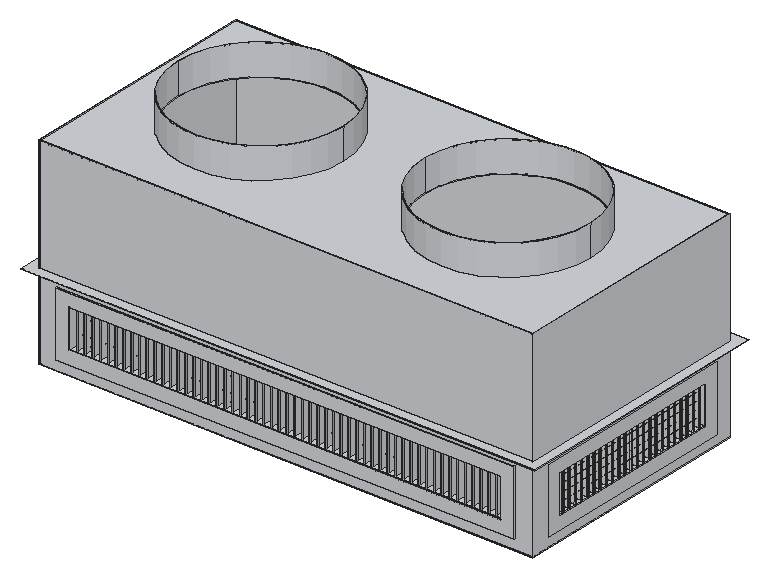
Revit family "model CO-16 diffuser", category Mechanical Equipment, Revit 2015
Parameters
  height [instance] = 1' - 7 3/8"
  Width = 1' - 11 3/4"
  Length = 3' - 11 3/4"
Reference planes (in)
  plane 1 "Center (Front/Back)": y = 0
  plane 2: z = 0
  plane 3 "Center (Left/Right)": x = 0
  plane 4: y = 11.875
  plane 5: y = -11.875
  plane 6: x = -23.875
  plane 7: x = 23.875
  plane 8: z = -9.6875
  plane 9: z = 9.6875
  plane 10: x = -23.8272
  plane 11: y = -11.8272
  plane 12: x = 23.8272
  plane 13: y = 11.8272
  plane 14: z = 9.6397
  plane 15: z = -1.3125
  plane 16: x = -24.875
  plane 17: y = -12.875
  plane 18: x = 24.875
  plane 19: y = 12.875
  plane 20: z = -1.3603
  plane 21: z = -9.6397
  plane 22: x = -11.9375
  plane 23: x = 11.9375
  plane 24: z = 12.6875
  plane 25: y = 9
  plane 26: y = -9
  plane 27: z = -3.50092
  plane 28: z = -7.50092
  plane 29: x = -21
  plane 30: x = 21
  plane 31: x = -16.5
  plane 32: x = 16.5
  plane 33: y = 4.5
  plane 34: y = -4.5
Forms (in)
  Extrusion 1, solid
    sketch origin (0, 0, 0) x (1, 0, 0) y (0, 1, 0)
      loop
        line (-23.875, 11.875) -> (-23.875, -11.875) -> (23.875, -11.875) -> (23.875, 11.875) -> (-23.875, 11.875)
    from 9.6875 to 9.6397
  Extrusion 2, solid
    sketch origin (0, 0, 0) x (1, 0, 0) y (0, 1, 0)
      loop
        line (-23.875, 11.875) -> (-23.875, -11.875) -> (23.875, -11.875) -> (23.875, 11.875) -> (-23.875, 11.875)
      loop
        line (-23.8272, 11.8272) -> (-23.8272, -11.8272) -> (23.8272, -11.8272) -> (23.8272, 11.8272) -> (-23.8272, 11.8272)
    from 9.6875 to -9.6875
  Extrusion 3, solid
    sketch origin (0, 0, 0) x (1, 0, 0) y (0, 1, 0)
      loop
        line (-24.875, 12.875) -> (-24.875, -12.875) -> (24.875, -12.875) -> (24.875, 12.875) -> (-24.875, 12.875)
      loop
        line (23.875, -11.875) -> (23.875, 11.875) -> (-23.875, 11.875) -> (-23.875, -11.875) -> (23.875, -11.875)
    from -1.3125 to -1.3603
  Extrusion 4, solid
    sketch origin (0, 0, 0) x (1, 0, 0) y (0, 1, 0)
      loop
        line (-23.875, 11.875) -> (-23.875, -11.875) -> (23.875, -11.875) -> (23.875, 11.875) -> (-23.875, 11.875)
    from -9.6397 to -9.6875
  Extrusion 5, void
    sketch origin (0, 0, 0) x (0, 1, 0) y (0, 0, 1)
      loop
        line (9, -3.50092) -> (-9, -3.50092) -> (-9, -7.50093) -> (9, -7.50093) -> (9, -3.50092)
    from 28.68207 to -27.87379
  Extrusion 6, void
    sketch origin (0, 0, 0) x (1, 0, 0) y (0, 0, 1)
      loop
        line (-21, -3.50092) -> (-21, -7.50092) -> (21, -7.50092) -> (21, -3.50092) -> (-21, -3.50092)
    from 12 to -14.86527
  Extrusion 7, void
    sketch origin (0, 0, 0) x (1, 0, 0) y (0, 1, 0)
      loop
        line (-16.5, 4.5) -> (-16.5, -4.5) -> (16.5, -4.5) -> (16.5, 4.5) -> (-16.5, 4.5)
    from 0 to -12
  Extrusion 8, void
    sketch origin (0, 0, 0) x (1, 0, 0) y (0, 1, 0)
      loop
        circle (-11.9375, 0) r 8
    from 0 to 24
  Extrusion 9, void
    sketch origin (23.875, 0, 0) x (1, 0, 0) y (0, 1, 0)
      loop
        circle (-11.9375, 0) r 8
    from 0 to 24
  Extrusion 10, solid
    sketch origin (0, 0, 0) x (1, 0, 0) y (0, 1, 0)
      loop
        circle (-11.9375, 0) r 8
      loop
        circle (-11.9375, 0) r 8.0239
    from 9.6875 to 12.6875
  Extrusion 11, solid
    sketch origin (23.875, 0, 0) x (1, 0, 0) y (0, 1, 0)
      loop
        circle (-11.9375, 0) r 8
      loop
        circle (-11.9375, 0) r 8.0239
    from 9.6875 to 12.6875
Cuts and joins
  Extrusion 5, Extrusion 6 cuts Extrusion 2
  Extrusion 7 cuts Extrusion 4
  Extrusion 8, Extrusion 9 cuts Extrusion 1
Dimensions and locks (in)
  equal spacing: plane 6, plane 3 "Center (Left/Right)", plane 7
  "Length": plane 6 to plane 7
  equal spacing: plane 4, plane 1 "Center (Front/Back)", plane 5
  "Width": plane 4 to plane 5
  locked: plane 6 to plane 10 at 0.0478
  locked: plane 12 to plane 7 at 0.0478
  locked: plane 11 to plane 5 at 0.0478
  locked: plane 13 to plane 4 at 0.0478
  equal spacing: plane 9, level, plane 8
  "height": plane 9 to plane 8
  locked: plane 9 to plane 14 at 0.0478
  locked: plane 15 to plane 8 at 8.375
  locked: plane 5 to plane 17 at 1
  locked: plane 7 to plane 18 at 1
  locked: plane 19 to plane 4 at 1
  locked: plane 16 to plane 6 at 1
  locked: plane 15 to plane 20 at 0.0478
  locked: plane 21 to plane 8 at 0.0478
  locked: plane 22 to plane 3 "Center (Left/Right)" at 11.9375
  locked: plane 3 "Center (Left/Right)" to plane 23 at 11.9375
  locked: plane 24 to plane 9 at 3
  locked: plane 25 to plane 1 "Center (Front/Back)" at 9
  locked: plane 1 "Center (Front/Back)" to plane 26 at 9
  locked: plane 3 "Center (Left/Right)" to plane 29 at 21
  locked: plane 30 to plane 3 "Center (Left/Right)" at 21
  locked: plane 31 to plane 32 at 33
  locked: plane 33 to plane 34 at 9
  aligned and locked: level to plane 2
  aligned and locked: plane 4 to Extrusion 1
  aligned and locked: plane 6 to Extrusion 1
  aligned and locked: Extrusion 1 to plane 7
  aligned and locked: Extrusion 1 to plane 5
  aligned and locked: plane 9 to Extrusion 1
  aligned and locked: Extrusion 1 to plane 14
  aligned and locked: plane 9 to Extrusion 2
  aligned and locked: Extrusion 2 to plane 8
  aligned and locked: Extrusion 2 to plane 7
  aligned and locked: plane 4 to Extrusion 2
  aligned and locked: plane 13 to Extrusion 2
  aligned and locked: plane 12 to Extrusion 2
  aligned and locked: Extrusion 2 to plane 5
  aligned and locked: plane 6 to Extrusion 2
  aligned and locked: plane 10 to Extrusion 2
  aligned and locked: plane 11 to Extrusion 2
  aligned and locked: plane 15 to Extrusion 3
  aligned and locked: Extrusion 3 to plane 20
  aligned and locked: plane 21 to Extrusion 4
  aligned and locked: Extrusion 4 to plane 8
  aligned and locked: plane 6 to Extrusion 4
  aligned and locked: plane 4 to Extrusion 4
  aligned and locked: Extrusion 4 to plane 5
  aligned and locked: Extrusion 4 to plane 7
  aligned and locked: cut or joined group of Extrusion 4, Extrusion 7 to plane 31
  aligned and locked: plane 33 to cut or joined group of Extrusion 4, Extrusion 7
  aligned and locked: cut or joined group of Extrusion 4, Extrusion 7 to plane 34
  aligned and locked: plane 32 to cut or joined group of Extrusion 4, Extrusion 7
  aligned and locked: plane 26 to cut or joined group of Extrusion 2, Extrusion 5, Extrusion 6
  aligned and locked: cut or joined group of Extrusion 2, Extrusion 5, Extrusion 6 to plane 25
  aligned and locked: plane 27 to cut or joined group of Extrusion 2, Extrusion 5, Extrusion 6  (x2)
  aligned and locked: cut or joined group of Extrusion 2, Extrusion 5, Extrusion 6 to plane 28  (x2)
  aligned and locked: cut or joined group of Extrusion 2, Extrusion 5, Extrusion 6 to plane 29
  aligned and locked: plane 30 to cut or joined group of Extrusion 2, Extrusion 5, Extrusion 6
  aligned and locked: plane 3 "Center (Left/Right)" to nested 1
  aligned and locked: plane 27 to nested 1
  aligned and locked: plane 5 to nested 1
  aligned and locked: plane 28 to nested 1
  aligned and locked: nested 2 to plane 13
  aligned and locked: nested 2 to plane 27  (x2)
  aligned and locked: nested 2 to plane 28
  aligned and locked: nested 1 to cut or joined group of Extrusion 2, Extrusion 5, Extrusion 6
  aligned and locked: plane 30 to nested 1
  aligned and locked: nested 1 to plane 28
  aligned and locked: nested 2 to plane 30
  aligned and locked: nested 3 to plane 1 "Center (Front/Back)"
  aligned and locked: nested 3 to plane 25  (x2)
  aligned and locked: plane 26 to nested 3  (x2)
  aligned and locked: plane 7 to nested 3
  aligned and locked: nested 3 to plane 28
  aligned and locked: plane 27 to nested 3
  aligned and locked: plane 25 to nested 4  (x2)
  aligned and locked: nested 4 to plane 26  (x2)
  aligned and locked: plane 6 to nested 4
  aligned and locked: nested 4 to plane 27
  aligned and locked: nested 4 to plane 28
  aligned and locked: plane 33 to nested 5
  aligned and locked: nested 5 to plane 34  (x2)
  aligned and locked: plane 32 to nested 5
  aligned and locked: nested 5 to plane 31
  aligned and locked: nested 5 to plane 33
  aligned and locked: plane 8 to nested 5
  aligned and locked: Extrusion 10 to plane 9
  aligned and locked: plane 24 to Extrusion 10
Automatic sketch dimensions
  Extrusion 1 sketch curve to plane 5 = 0' - 0"
  Extrusion 1 sketch curve to plane 6 = 0' - 0"
  Extrusion 1 sketch curve to plane 7 = 0' - 0"
  Extrusion 1 sketch curve to plane 4 = 0' - 0"
  Extrusion 2 sketch curve to plane 5 = 0' - 0"
  Extrusion 2 sketch curve to plane 6 = 0' - 0"
  Extrusion 2 sketch curve to plane 10 = 0' - 0"
  Extrusion 2 sketch curve to plane 12 = 0' - 0"
  Extrusion 2 sketch curve to plane 4 = 0' - 0"
  Extrusion 2 sketch curve to plane 7 = 0' - 0"
  Extrusion 2 sketch curve to plane 11 = 0' - 0"
  plane 13 to Extrusion 2 sketch curve = 0' - 0"
  Extrusion 3 sketch curve to plane 16 = 0' - 0"
  Extrusion 3 sketch curve to plane 4 = 0' - 0"
  Extrusion 3 sketch curve to plane 6 = 0' - 0"
  Extrusion 3 sketch curve to plane 7 = 0' - 0"
  Extrusion 3 sketch curve to plane 17 = 0' - 0"
  Extrusion 3 sketch curve to plane 18 = 0' - 0"
  Extrusion 3 sketch curve to plane 5 = 0' - 0"
  Extrusion 3 sketch curve to plane 19 = 0' - 0"
  Extrusion 4 sketch curve to plane 5 = 0' - 0"
  Extrusion 4 sketch curve to plane 6 = 0' - 0"
  Extrusion 4 sketch curve to plane 7 = 0' - 0"
  Extrusion 4 sketch curve to plane 4 = 0' - 0"
  Extrusion 5 sketch curve to plane 26 = 0' - 0"
  Extrusion 5 sketch curve to plane 25 = 0' - 0"
  Extrusion 5 sketch curve to plane 28 = 0' - 0"
  Extrusion 5 sketch curve to plane 27 = 0' - 0"
  Extrusion 6 sketch curve to plane 28 = 0' - 0"
  Extrusion 6 sketch curve to plane 29 = 0' - 0"
  Extrusion 6 sketch curve to plane 30 = 0' - 0"
  Extrusion 6 sketch curve to plane 27 = 0' - 0"
  Extrusion 7 sketch curve to plane 31 = 0' - 0"
  Extrusion 7 sketch curve to plane 32 = 0' - 0"
  Extrusion 7 sketch curve to plane 34 = 0' - 0"
  Extrusion 7 sketch curve to plane 33 = 0' - 0"
  plane 1 "Center (Front/Back)" to Extrusion 8 sketch curve = 0' - 0"
  Extrusion 8 sketch curve to plane 22 = 0' - 0"
  plane 1 "Center (Front/Back)" to Extrusion 9 sketch curve = 0' - 0"
  Extrusion 9 sketch curve to plane 23 = 0' - 0"
  Extrusion 10 sketch curve to Extrusion 10 sketch curve = 0' - 0"  (x2)
  plane 1 "Center (Front/Back)" to Extrusion 10 sketch curve = 0' - 0"
  Extrusion 10 sketch curve to plane 22 = 0' - 0"
  Extrusion 11 sketch curve to Extrusion 11 sketch curve = 0' - 0"  (x2)
  plane 1 "Center (Front/Back)" to Extrusion 11 sketch curve = 0' - 0"
  Extrusion 11 sketch curve to plane 23 = 0' - 0"
  radius of Extrusion 8 sketch curve = 0' - 8"
  radius of Extrusion 9 sketch curve = 0' - 8"
  radius of Extrusion 10 sketch curve = 0' - 8"
  radius of Extrusion 10 sketch curve = 0' - 8.0239"
  radius of Extrusion 11 sketch curve = 0' - 8"
  radius of Extrusion 11 sketch curve = 0' - 8.0239"
Nested families (in)
  nested 1: "Double Diffuser Grille" at (0, -10.25, -5.50093), type "Double Diffuser Grille"
    with Vert. Spacing 0' - 0 3/4", Vert. Number 28, Vert. Blade Height 0' - 3 5/8", Horiz. Spacing 0' - 0 3/4", Horiz. Number 3, Horiz. Blade Width 3' - 5 5/8"
  nested 2: "Double Diffuser Grille" at (0, 10.2022, -5.50093), type "Double Diffuser Grille"
    with Vert. Spacing 0' - 0 3/4", Vert. Number 28, Vert. Blade Height 0' - 3 5/8", Horiz. Spacing 0' - 0 3/4", Horiz. Number 3, Horiz. Blade Width 3' - 5 5/8"
  nested 3: "CO-12 short grille" at (22.25, 0, -5.50093) x (0, 1, 0) z (0, 0, 1), type "CO-12 short grille"
    with Vert. Spacing 0' - 0 3/4", Vert. Number 12, Vert. Blade Height 0' - 3 5/8", Horiz. Spacing 0' - 0 3/4", Horiz. Number 3, Horiz. Blade Width 1' - 5 5/8"
  nested 4: "CO-12 short grille" at (-22.25, 0, -5.50093) x (0, 1, 0) z (0, 0, 1), type "CO-12 short grille"
    with Vert. Spacing 0' - 0 3/4", Vert. Number 12, Vert. Blade Height 0' - 3 5/8", Horiz. Spacing 0' - 0 3/4", Horiz. Number 3, Horiz. Blade Width 1' - 5 5/8"
  nested 5: "egg crate grille 2" at (0, 0, -8.0625) x (1, 0, 0) z (0, -1, 0), type "egg crate grille 2"
    with Vert. Spacing 0' - 0 3/4", Vert. Number 32, Vert. Blade Height 0' - 8 5/8", Horiz. Spacing 0' - 0 3/4", Horiz. Number 8, Horiz. Blade Width 2' - 8 5/8"
Definition of nested family "Double Diffuser Grille"
  Parameters (values of type "Double Diffuser Grille")
    Vert. Spacing [instance] = 0' - 0 3/4"
    Vert. Number [instance] = ((Grille Width - 0' 0 1/4") / 0' 0 3/4") / 2  # 28
    Vert. Blade Height [instance] = Grille Height - 0' 0 3/8"  # 0' - 3 5/8"
    Horiz. Spacing [instance] = 0' - 0 3/4"
    Horiz. Number [instance] = ((Grille Height - 0' 0 1/4") / 0' 0 3/4") / 2  # 3
    Horiz. Blade Width [instance] = Grille Width - 0' 0 3/8"  # 3' - 5 5/8"
    Grille Width = 3' - 6"
    Grille Height = 0' - 4"
  Reference planes (in)
    plane 1 "Center (Front/Back)": y = 0
    plane 2: z = 0
    plane 3 "Center (Left/Right)": x = 0
    plane 4: y = -1.75
    plane 5: y = -1.625
    plane 6: x = -21
    plane 7: x = 21
    plane 8: z = -2
    plane 9: z = 2
    plane 10: x = -20.875
    plane 11: z = 1.875
    plane 12: z = -1.875
    plane 13: x = 20.875
    plane 14: x = 22.125
    plane 15: z = -3.125
    plane 16: z = 3.125
    plane 17: x = -22.125
    plane 18: y = -0.8125
  Forms (in)
    Extrusion 1, solid
      sketch origin (0, 0, 0) x (1, 0, 0) y (0, 0, 1)
        loop
          line (-21, -2) -> (21, -2) -> (21, 2) -> (-21, 2) -> (-21, -2)
        loop
          line (-20.875, -1.875) -> (20.875, -1.875) -> (20.875, 1.875) -> (-20.875, 1.875) -> (-20.875, -1.875)
      from 0 to 1.625
    Extrusion 2, solid
      sketch origin (0, 0, 0) x (1, 0, 0) y (0, 0, 1)
        loop
          line (-22.125, -3.125) -> (22.125, -3.125) -> (22.125, 3.125) -> (-22.125, 3.125) -> (-22.125, -3.125)
        loop
          line (-20.875, -1.875) -> (20.875, -1.875) -> (20.875, 1.875) -> (-20.875, 1.875) -> (-20.875, -1.875)
      from 1.625 to 1.75
  Dimensions and locks (in)
    locked: plane 5 to plane 4 at 0.125
    locked: plane 1 "Center (Front/Back)" to plane 5 at 1.625
    equal spacing: plane 9, level, plane 8
    "Grille Height": plane 9 to plane 8
    equal spacing: plane 6, plane 3 "Center (Left/Right)", plane 7
    "Grille Width": plane 6 to plane 7
    locked: plane 9 to plane 11 at 0.125
    locked: plane 12 to plane 8 at 0.125
    locked: plane 6 to plane 10 at 0.125
    locked: plane 7 to plane 13 at 0.125
    locked: plane 16 to plane 9 at 1.125
    locked: plane 8 to plane 15 at 1.125
    locked: plane 6 to plane 17 at 1.125
    locked: plane 14 to plane 7 at 1.125
    locked: plane 1 "Center (Front/Back)" to plane 18 at 0.8125
    equal spacing: group 1, group 2, group 4, group 5, group 6, group 7, group 8, group 9, group 10, group 11, group 12, group 13, group 29, group 30, group 31, group 32, group 33, group 34, group 35, group 36, group 37, group 38, group 39, group 40, group 41, group 42, group 43, group 44  (x3)
    "Vert. Spacing": nested 1 to nested 3
    equal spacing: group 60, group 59, group 58, group 57, group 56, group 55, group 54, group 53, group 52, group 51, group 50, group 49, group 48, group 47, group 46, group 45, group 23, group 22, group 21, group 20, group 19, group 18, group 17, group 16, group 15, group 14, group 3, group 1
    equal spacing: group 1, group 3, group 14, group 15, group 16, group 17, group 18, group 19, group 20, group 21, group 22, group 23, group 45, group 46, group 47, group 48, group 49, group 50, group 51, group 52, group 53, group 54, group 55, group 56, group 57, group 58, group 59, group 60  (x2)
    "Vert. Spacing": nested 4 to nested 1
    equal spacing: group 24, group 25, group 27  (x3)
    "Horiz. Spacing": nested 25 to nested 2
    equal spacing: group 24, group 26, group 28  (x2)
    equal spacing: group 28, group 26, group 24
    "Horiz. Spacing": nested 2 to nested 26
    aligned and locked: level to plane 2
    aligned and locked: plane 6 to Extrusion 1 sketch curve
    aligned and locked: plane 9 to Extrusion 1 sketch curve
    aligned and locked: Extrusion 1 sketch curve to plane 8
    aligned and locked: plane 7 to Extrusion 1 sketch curve
    aligned and locked: plane 13 to Extrusion 1 sketch curve
    aligned and locked: plane 12 to Extrusion 1 sketch curve
    aligned and locked: plane 10 to Extrusion 1 sketch curve
    aligned and locked: plane 11 to Extrusion 1 sketch curve
    aligned and locked: Extrusion 1 to plane 1 "Center (Front/Back)"
    aligned and locked: Extrusion 1 to plane 5
    aligned and locked: Extrusion 2 sketch curve to plane 17
    aligned and locked: Extrusion 2 sketch curve to plane 16
    aligned and locked: Extrusion 2 sketch curve to plane 14
    aligned and locked: plane 15 to Extrusion 2 sketch curve
    aligned and locked: plane 12 to Extrusion 2 sketch curve
    aligned and locked: plane 13 to Extrusion 2 sketch curve
    aligned and locked: plane 11 to Extrusion 2 sketch curve
    aligned and locked: plane 10 to Extrusion 2 sketch curve
    aligned and locked: plane 5 to Extrusion 2
    aligned and locked: Extrusion 2 to plane 4
    aligned and locked: nested 1 to plane 5
    aligned and locked: nested 1 to plane 3 "Center (Left/Right)"
    aligned and locked: nested 2 to plane 18
    aligned and locked: plane 3 "Center (Left/Right)" to nested 2
  Nested families (in)
    nested 1: "Vertical Blade" at (-0.08237, -1.625, 0), type "Vertical Blade"
      with H 0' - 3 5/8"
    nested 2: "Horizontal Blade" at (0, -0.8125, 0), type "Horizontal Blade"
      with L 3' - 5 5/8"
    nested 3: "Vertical Blade" at (0.66763, -1.625, 0), type "Vertical Blade"
      with H 0' - 3 5/8"
    nested 4: "Vertical Blade" at (-0.83237, -1.625, 0), type "Vertical Blade"
      with H 0' - 3 5/8"
    nested 5: "Vertical Blade" at (1.41763, -1.625, 0), type "Vertical Blade"
      with H 0' - 3 5/8"
    nested 6: "Vertical Blade" at (2.16763, -1.625, 0), type "Vertical Blade"
      with H 0' - 3 5/8"
    nested 7: "Vertical Blade" at (2.91763, -1.625, 0), type "Vertical Blade"
      with H 0' - 3 5/8"
    nested 8: "Vertical Blade" at (3.66763, -1.625, 0), type "Vertical Blade"
      with H 0' - 3 5/8"
    nested 9: "Vertical Blade" at (4.41763, -1.625, 0), type "Vertical Blade"
      with H 0' - 3 5/8"
    nested 10: "Vertical Blade" at (5.16763, -1.625, 0), type "Vertical Blade"
      with H 0' - 3 5/8"
    nested 11: "Vertical Blade" at (5.91763, -1.625, 0), type "Vertical Blade"
      with H 0' - 3 5/8"
    nested 12: "Vertical Blade" at (6.66763, -1.625, 0), type "Vertical Blade"
      with H 0' - 3 5/8"
    nested 13: "Vertical Blade" at (7.41763, -1.625, 0), type "Vertical Blade"
      with H 0' - 3 5/8"
    nested 14: "Vertical Blade" at (8.16763, -1.625, 0), type "Vertical Blade"
      with H 0' - 3 5/8"
    nested 15: "Vertical Blade" at (-1.58237, -1.625, 0), type "Vertical Blade"
      with H 0' - 3 5/8"
    nested 16: "Vertical Blade" at (-2.33237, -1.625, 0), type "Vertical Blade"
      with H 0' - 3 5/8"
    nested 17: "Vertical Blade" at (-3.08237, -1.625, 0), type "Vertical Blade"
      with H 0' - 3 5/8"
    nested 18: "Vertical Blade" at (-3.83237, -1.625, 0), type "Vertical Blade"
      with H 0' - 3 5/8"
    nested 19: "Vertical Blade" at (-4.58237, -1.625, 0), type "Vertical Blade"
      with H 0' - 3 5/8"
    nested 20: "Vertical Blade" at (-5.33237, -1.625, 0), type "Vertical Blade"
      with H 0' - 3 5/8"
    nested 21: "Vertical Blade" at (-6.08237, -1.625, 0), type "Vertical Blade"
      with H 0' - 3 5/8"
    nested 22: "Vertical Blade" at (-6.83237, -1.625, 0), type "Vertical Blade"
      with H 0' - 3 5/8"
    nested 23: "Vertical Blade" at (-7.58237, -1.625, 0), type "Vertical Blade"
      with H 0' - 3 5/8"
    nested 24: "Vertical Blade" at (-8.33237, -1.625, 0), type "Vertical Blade"
      with H 0' - 3 5/8"
    nested 25: "Horizontal Blade" at (0, -0.8125, 0.75), type "Horizontal Blade"
      with L 3' - 5 5/8"
    nested 26: "Horizontal Blade" at (0, -0.8125, -0.75), type "Horizontal Blade"
      with L 3' - 5 5/8"
    nested 27: "Horizontal Blade" at (0, -0.8125, 1.5), type "Horizontal Blade"
      with L 3' - 5 5/8"
    nested 28: "Horizontal Blade" at (0, -0.8125, -1.5), type "Horizontal Blade"
      with L 3' - 5 5/8"
    nested 29: "Vertical Blade" at (8.91763, -1.625, 0), type "Vertical Blade"
      with H 0' - 3 5/8"
    nested 30: "Vertical Blade" at (9.66763, -1.625, 0), type "Vertical Blade"
      with H 0' - 3 5/8"
    nested 31: "Vertical Blade" at (10.41763, -1.625, 0), type "Vertical Blade"
      with H 0' - 3 5/8"
    nested 32: "Vertical Blade" at (11.16763, -1.625, 0), type "Vertical Blade"
      with H 0' - 3 5/8"
    nested 33: "Vertical Blade" at (11.91763, -1.625, 0), type "Vertical Blade"
      with H 0' - 3 5/8"
    nested 34: "Vertical Blade" at (12.66763, -1.625, 0), type "Vertical Blade"
      with H 0' - 3 5/8"
    nested 35: "Vertical Blade" at (13.41763, -1.625, 0), type "Vertical Blade"
      with H 0' - 3 5/8"
    nested 36: "Vertical Blade" at (14.16763, -1.625, 0), type "Vertical Blade"
      with H 0' - 3 5/8"
    nested 37: "Vertical Blade" at (14.91763, -1.625, 0), type "Vertical Blade"
      with H 0' - 3 5/8"
    nested 38: "Vertical Blade" at (15.66763, -1.625, 0), type "Vertical Blade"
      with H 0' - 3 5/8"
    nested 39: "Vertical Blade" at (16.41763, -1.625, 0), type "Vertical Blade"
      with H 0' - 3 5/8"
    nested 40: "Vertical Blade" at (17.16763, -1.625, 0), type "Vertical Blade"
      with H 0' - 3 5/8"
    nested 41: "Vertical Blade" at (17.91763, -1.625, 0), type "Vertical Blade"
      with H 0' - 3 5/8"
    nested 42: "Vertical Blade" at (18.66763, -1.625, 0), type "Vertical Blade"
      with H 0' - 3 5/8"
    nested 43: "Vertical Blade" at (19.41763, -1.625, 0), type "Vertical Blade"
      with H 0' - 3 5/8"
    nested 44: "Vertical Blade" at (20.16763, -1.625, 0), type "Vertical Blade"
      with H 0' - 3 5/8"
    nested 45: "Vertical Blade" at (-9.08237, -1.625, 0), type "Vertical Blade"
      with H 0' - 3 5/8"
    nested 46: "Vertical Blade" at (-9.83237, -1.625, 0), type "Vertical Blade"
      with H 0' - 3 5/8"
    nested 47: "Vertical Blade" at (-10.58237, -1.625, 0), type "Vertical Blade"
      with H 0' - 3 5/8"
    nested 48: "Vertical Blade" at (-11.33237, -1.625, 0), type "Vertical Blade"
      with H 0' - 3 5/8"
    nested 49: "Vertical Blade" at (-12.08237, -1.625, 0), type "Vertical Blade"
      with H 0' - 3 5/8"
    nested 50: "Vertical Blade" at (-12.83237, -1.625, 0), type "Vertical Blade"
      with H 0' - 3 5/8"
    nested 51: "Vertical Blade" at (-13.58237, -1.625, 0), type "Vertical Blade"
      with H 0' - 3 5/8"
    nested 52: "Vertical Blade" at (-14.33237, -1.625, 0), type "Vertical Blade"
      with H 0' - 3 5/8"
    nested 53: "Vertical Blade" at (-15.08237, -1.625, 0), type "Vertical Blade"
      with H 0' - 3 5/8"
    nested 54: "Vertical Blade" at (-15.83237, -1.625, 0), type "Vertical Blade"
      with H 0' - 3 5/8"
    nested 55: "Vertical Blade" at (-16.58237, -1.625, 0), type "Vertical Blade"
      with H 0' - 3 5/8"
    nested 56: "Vertical Blade" at (-17.33237, -1.625, 0), type "Vertical Blade"
      with H 0' - 3 5/8"
    nested 57: "Vertical Blade" at (-18.08237, -1.625, 0), type "Vertical Blade"
      with H 0' - 3 5/8"
    nested 58: "Vertical Blade" at (-18.83237, -1.625, 0), type "Vertical Blade"
      with H 0' - 3 5/8"
    nested 59: "Vertical Blade" at (-19.58237, -1.625, 0), type "Vertical Blade"
      with H 0' - 3 5/8"
    nested 60: "Vertical Blade" at (-20.33237, -1.625, 0), type "Vertical Blade"
      with H 0' - 3 5/8"
  Definition of nested family "Vertical Blade"
    Parameters (values of type "Vertical Blade")
      H = 2' - 0"
    Reference planes (in)
      plane 1 "Center (Front/Back)": y = 0
      plane 2: z = 0
      plane 3 "Center (Left/Right)": x = 0
      plane 4: z = 12
      plane 5: z = -12
    Forms (in)
      Extrusion 1, solid
        sketch origin (0, -0.05958, 0) x (1, 0, 0) y (0, 1, 0)
          loop
            arc (0.08237, 0.17216) -> (0.04492, 0.11716) -> (0.07825, 0.05958) r 0.0625
            line (0.07825, 0.05958) -> (0.1365, 0.05958)
            arc (0.1365, 0.05958) -> (0.16983, 0.11716) -> (0.13237, 0.17216) r 0.0625
            line (0.13237, 0.17216) -> (0.13237, 0.80238) -> (0.08237, 0.80238) -> (0.08237, 0.17216)
        from -12 to 12
    Dimensions and locks (in)
      equal spacing: plane 4, level, plane 5
      "H": plane 4 to plane 5
      aligned and locked: level to plane 2
      aligned and locked: plane 4 to Extrusion 1
      aligned and locked: Extrusion 1 to plane 5
    Automatic sketch dimensions
      Extrusion 1 sketch curve to Extrusion 1 sketch curve = 0' - 0"  (x2)
      plane 1 "Center (Front/Back)" to Extrusion 1 sketch curve = 0' - 0"
      plane 3 "Center (Left/Right)" to Extrusion 1 sketch curve = 0' - 0.07825"
      plane 3 "Center (Left/Right)" to Extrusion 1 sketch curve = 0' - 0.08237"
      Extrusion 1 sketch curve to Extrusion 1 sketch curve = 0' - 0.02912"
      Extrusion 1 sketch curve to Extrusion 1 sketch curve = 0' - 0.05"
      Extrusion 1 sketch curve to Extrusion 1 sketch curve = 0' - 0.05825"
      Extrusion 1 sketch curve to plane 1 "Center (Front/Back)" = 0' - 0.0553"
      Extrusion 1 sketch curve to Extrusion 1 sketch curve = 0' - 0.63022"
  Definition of nested family "Horizontal Blade"
    Parameters (values of type "Horizontal Blade")
      L = 3' - 0"
    Reference planes (in)
      plane 1 "Center (Front/Back)": y = 0
      plane 2: z = 0
      plane 3 "Center (Left/Right)": x = 0
      plane 4: x = -18
      plane 5: x = 18
    Forms (in)
      Extrusion 1, solid
        sketch origin (0.10737, -0.05958, -0.10737) x (0, 0, 1) y (0, 1, 0)
          loop
            arc (0.08237, 0.17216) -> (0.04492, 0.11716) -> (0.07825, 0.05958) r 0.0625
            line (0.07825, 0.05958) -> (0.1365, 0.05958)
            arc (0.1365, 0.05958) -> (0.16983, 0.11716) -> (0.13237, 0.17216) r 0.0625
            line (0.13237, 0.17216) -> (0.13237, 0.80238) -> (0.08237, 0.80238) -> (0.08237, 0.17216)
        from -17.89263 to 18.10737
    Dimensions and locks (in)
      equal spacing: plane 4, plane 3 "Center (Left/Right)", plane 5
      "L": plane 4 to plane 5
      aligned and locked: level to plane 2
      aligned and locked: plane 4 to Extrusion 1
      aligned and locked: plane 5 to Extrusion 1
    Automatic sketch dimensions
      Extrusion 1 sketch curve to Extrusion 1 sketch curve = 0' - 0"  (x2)
      Extrusion 1 sketch curve to plane 1 "Center (Front/Back)" = 0' - 0"
      Extrusion 1 sketch curve to level = 0' - 0"
      Extrusion 1 sketch curve to level = 0' - 0.025"
      Extrusion 1 sketch curve to level = 0' - 0.02912"
      level to Extrusion 1 sketch curve = 0' - 0.025"
      level to Extrusion 1 sketch curve = 0' - 0.02912"
      Extrusion 1 sketch curve to plane 1 "Center (Front/Back)" = 0' - 0.0553"
      Extrusion 1 sketch curve to Extrusion 1 sketch curve = 0' - 0.63022"
Definition of nested family "CO-12 short grille"
  Parameters (values of type "CO-12 short grille")
    Vert. Spacing [instance] = 0' - 0 3/4"
    Vert. Number [instance] = ((Grille Width - 0' 0 1/4") / 0' 0 3/4") / 2  # 12
    Vert. Blade Height [instance] = Grille Height - 0' 0 3/8"  # 0' - 3 5/8"
    Horiz. Spacing [instance] = 0' - 0 3/4"
    Horiz. Number [instance] = ((Grille Height - 0' 0 1/4") / 0' 0 3/4") / 2  # 3
    Horiz. Blade Width [instance] = Grille Width - 0' 0 3/8"  # 1' - 5 5/8"
    Grille Width = 1' - 6"
    Grille Height = 0' - 4"
  Reference planes (in)
    plane 1 "Center (Front/Back)": y = 0
    plane 2: z = 0
    plane 3 "Center (Left/Right)": x = 0
    plane 4: y = -1.75
    plane 5: y = -1.625
    plane 6: x = -9
    plane 7: x = 9
    plane 8: z = -2
    plane 9: z = 2
    plane 10: x = -8.875
    plane 11: z = 1.875
    plane 12: z = -1.875
    plane 13: x = 8.875
    plane 14: x = 10.125
    plane 15: z = -3.125
    plane 16: z = 3.125
    plane 17: x = -10.125
    plane 18: y = -0.8125
  Forms (in)
    Extrusion 1, solid
      sketch origin (0, 0, 0) x (1, 0, 0) y (0, 0, 1)
        loop
          line (-9, -2) -> (9, -2) -> (9, 2) -> (-9, 2) -> (-9, -2)
        loop
          line (-8.875, -1.875) -> (8.875, -1.875) -> (8.875, 1.875) -> (-8.875, 1.875) -> (-8.875, -1.875)
      from 0 to 1.625
    Extrusion 2, solid
      sketch origin (0, 0, 0) x (1, 0, 0) y (0, 0, 1)
        loop
          line (-10.125, -3.125) -> (10.125, -3.125) -> (10.125, 3.125) -> (-10.125, 3.125) -> (-10.125, -3.125)
        loop
          line (-8.875, -1.875) -> (8.875, -1.875) -> (8.875, 1.875) -> (-8.875, 1.875) -> (-8.875, -1.875)
      from 1.625 to 1.75
  Dimensions and locks (in)
    locked: plane 5 to plane 4 at 0.125
    locked: plane 1 "Center (Front/Back)" to plane 5 at 1.625
    equal spacing: plane 9, level, plane 8
    "Grille Height": plane 9 to plane 8
    equal spacing: plane 6, plane 3 "Center (Left/Right)", plane 7
    "Grille Width": plane 6 to plane 7
    locked: plane 9 to plane 11 at 0.125
    locked: plane 12 to plane 8 at 0.125
    locked: plane 6 to plane 10 at 0.125
    locked: plane 7 to plane 13 at 0.125
    locked: plane 16 to plane 9 at 1.125
    locked: plane 8 to plane 15 at 1.125
    locked: plane 6 to plane 17 at 1.125
    locked: plane 14 to plane 7 at 1.125
    locked: plane 1 "Center (Front/Back)" to plane 18 at 0.8125
    equal spacing: group 1, group 2, group 4, group 5, group 6, group 7, group 8, group 9, group 10, group 11, group 12, group 13  (x3)
    "Vert. Spacing": nested 1 to nested 3
    equal spacing: group 23, group 22, group 21, group 20, group 19, group 18, group 17, group 16, group 15, group 14, group 3, group 1
    equal spacing: group 1, group 3, group 14, group 15, group 16, group 17, group 18, group 19, group 20, group 21, group 22, group 23  (x2)
    "Vert. Spacing": nested 4 to nested 1
    equal spacing: group 24, group 25, group 27  (x3)
    "Horiz. Spacing": nested 25 to nested 2
    equal spacing: group 24, group 26, group 28  (x2)
    equal spacing: group 28, group 26, group 24
    "Horiz. Spacing": nested 2 to nested 26
    aligned and locked: level to plane 2
    aligned and locked: plane 6 to Extrusion 1 sketch curve
    aligned and locked: plane 9 to Extrusion 1 sketch curve
    aligned and locked: Extrusion 1 sketch curve to plane 8
    aligned and locked: plane 7 to Extrusion 1 sketch curve
    aligned and locked: plane 13 to Extrusion 1 sketch curve
    aligned and locked: plane 12 to Extrusion 1 sketch curve
    aligned and locked: plane 10 to Extrusion 1 sketch curve
    aligned and locked: plane 11 to Extrusion 1 sketch curve
    aligned and locked: Extrusion 1 to plane 1 "Center (Front/Back)"
    aligned and locked: Extrusion 1 to plane 5
    aligned and locked: Extrusion 2 sketch curve to plane 17
    aligned and locked: plane 16 to Extrusion 2 sketch curve
    aligned and locked: Extrusion 2 sketch curve to plane 14
    aligned and locked: plane 15 to Extrusion 2 sketch curve
    aligned and locked: plane 12 to Extrusion 2 sketch curve
    aligned and locked: plane 13 to Extrusion 2 sketch curve
    aligned and locked: plane 11 to Extrusion 2 sketch curve
    aligned and locked: plane 10 to Extrusion 2 sketch curve
    aligned and locked: plane 5 to Extrusion 2
    aligned and locked: Extrusion 2 to plane 4
    aligned and locked: nested 1 to plane 5
    aligned and locked: nested 1 to plane 3 "Center (Left/Right)"
    aligned and locked: nested 2 to plane 18
    aligned and locked: plane 3 "Center (Left/Right)" to nested 2
  Nested families (in)
    nested 1: "Vertical Blade" at (-0.08237, -1.625, 0), type "Vertical Blade"
      with H 0' - 3 5/8"
    nested 2: "Horizontal Blade" at (0, -0.8125, 0), type "Horizontal Blade"
      with L 1' - 5 5/8"
    nested 3: "Vertical Blade" at (0.66763, -1.625, 0), type "Vertical Blade"
      with H 0' - 3 5/8"
    nested 4: "Vertical Blade" at (-0.83237, -1.625, 0), type "Vertical Blade"
      with H 0' - 3 5/8"
    nested 5: "Vertical Blade" at (1.41763, -1.625, 0), type "Vertical Blade"
      with H 0' - 3 5/8"
    nested 6: "Vertical Blade" at (2.16763, -1.625, 0), type "Vertical Blade"
      with H 0' - 3 5/8"
    nested 7: "Vertical Blade" at (2.91763, -1.625, 0), type "Vertical Blade"
      with H 0' - 3 5/8"
    nested 8: "Vertical Blade" at (3.66763, -1.625, 0), type "Vertical Blade"
      with H 0' - 3 5/8"
    nested 9: "Vertical Blade" at (4.41763, -1.625, 0), type "Vertical Blade"
      with H 0' - 3 5/8"
    nested 10: "Vertical Blade" at (5.16763, -1.625, 0), type "Vertical Blade"
      with H 0' - 3 5/8"
    nested 11: "Vertical Blade" at (5.91763, -1.625, 0), type "Vertical Blade"
      with H 0' - 3 5/8"
    nested 12: "Vertical Blade" at (6.66763, -1.625, 0), type "Vertical Blade"
      with H 0' - 3 5/8"
    nested 13: "Vertical Blade" at (7.41763, -1.625, 0), type "Vertical Blade"
      with H 0' - 3 5/8"
    nested 14: "Vertical Blade" at (8.16763, -1.625, 0), type "Vertical Blade"
      with H 0' - 3 5/8"
    nested 15: "Vertical Blade" at (-1.58237, -1.625, 0), type "Vertical Blade"
      with H 0' - 3 5/8"
    nested 16: "Vertical Blade" at (-2.33237, -1.625, 0), type "Vertical Blade"
      with H 0' - 3 5/8"
    nested 17: "Vertical Blade" at (-3.08237, -1.625, 0), type "Vertical Blade"
      with H 0' - 3 5/8"
    nested 18: "Vertical Blade" at (-3.83237, -1.625, 0), type "Vertical Blade"
      with H 0' - 3 5/8"
    nested 19: "Vertical Blade" at (-4.58237, -1.625, 0), type "Vertical Blade"
      with H 0' - 3 5/8"
    nested 20: "Vertical Blade" at (-5.33237, -1.625, 0), type "Vertical Blade"
      with H 0' - 3 5/8"
    nested 21: "Vertical Blade" at (-6.08237, -1.625, 0), type "Vertical Blade"
      with H 0' - 3 5/8"
    nested 22: "Vertical Blade" at (-6.83237, -1.625, 0), type "Vertical Blade"
      with H 0' - 3 5/8"
    nested 23: "Vertical Blade" at (-7.58237, -1.625, 0), type "Vertical Blade"
      with H 0' - 3 5/8"
    nested 24: "Vertical Blade" at (-8.33237, -1.625, 0), type "Vertical Blade"
      with H 0' - 3 5/8"
    nested 25: "Horizontal Blade" at (0, -0.8125, 0.75), type "Horizontal Blade"
      with L 1' - 5 5/8"
    nested 26: "Horizontal Blade" at (0, -0.8125, -0.75), type "Horizontal Blade"
      with L 1' - 5 5/8"
    nested 27: "Horizontal Blade" at (0, -0.8125, 1.5), type "Horizontal Blade"
      with L 1' - 5 5/8"
    nested 28: "Horizontal Blade" at (0, -0.8125, -1.5), type "Horizontal Blade"
      with L 1' - 5 5/8"
  Definition of nested family "Vertical Blade"
    Parameters (values of type "Vertical Blade")
      H = 2' - 0"
    Reference planes (in)
      plane 1 "Center (Front/Back)": y = 0
      plane 2: z = 0
      plane 3 "Center (Left/Right)": x = 0
      plane 4: z = 12
      plane 5: z = -12
    Forms (in)
      Extrusion 1, solid
        sketch origin (0, -0.05958, 0) x (1, 0, 0) y (0, 1, 0)
          loop
            arc (0.08237, 0.17216) -> (0.04492, 0.11716) -> (0.07825, 0.05958) r 0.0625
            line (0.07825, 0.05958) -> (0.1365, 0.05958)
            arc (0.1365, 0.05958) -> (0.16983, 0.11716) -> (0.13237, 0.17216) r 0.0625
            line (0.13237, 0.17216) -> (0.13237, 0.80238) -> (0.08237, 0.80238) -> (0.08237, 0.17216)
        from -12 to 12
    Dimensions and locks (in)
      equal spacing: plane 4, level, plane 5
      "H": plane 4 to plane 5
      aligned and locked: level to plane 2
      aligned and locked: plane 4 to Extrusion 1
      aligned and locked: Extrusion 1 to plane 5
    Automatic sketch dimensions
      Extrusion 1 sketch curve to Extrusion 1 sketch curve = 0' - 0"  (x2)
      plane 1 "Center (Front/Back)" to Extrusion 1 sketch curve = 0' - 0"
      plane 3 "Center (Left/Right)" to Extrusion 1 sketch curve = 0' - 0.07825"
      plane 3 "Center (Left/Right)" to Extrusion 1 sketch curve = 0' - 0.08237"
      Extrusion 1 sketch curve to Extrusion 1 sketch curve = 0' - 0.02912"
      Extrusion 1 sketch curve to Extrusion 1 sketch curve = 0' - 0.05"
      Extrusion 1 sketch curve to Extrusion 1 sketch curve = 0' - 0.05825"
      Extrusion 1 sketch curve to plane 1 "Center (Front/Back)" = 0' - 0.0553"
      Extrusion 1 sketch curve to Extrusion 1 sketch curve = 0' - 0.63022"
  Definition of nested family "Horizontal Blade"
    Parameters (values of type "Horizontal Blade")
      L = 3' - 0"
    Reference planes (in)
      plane 1 "Center (Front/Back)": y = 0
      plane 2: z = 0
      plane 3 "Center (Left/Right)": x = 0
      plane 4: x = -18
      plane 5: x = 18
    Forms (in)
      Extrusion 1, solid
        sketch origin (0.10737, -0.05958, -0.10737) x (0, 0, 1) y (0, 1, 0)
          loop
            arc (0.08237, 0.17216) -> (0.04492, 0.11716) -> (0.07825, 0.05958) r 0.0625
            line (0.07825, 0.05958) -> (0.1365, 0.05958)
            arc (0.1365, 0.05958) -> (0.16983, 0.11716) -> (0.13237, 0.17216) r 0.0625
            line (0.13237, 0.17216) -> (0.13237, 0.80238) -> (0.08237, 0.80238) -> (0.08237, 0.17216)
        from -17.89263 to 18.10737
    Dimensions and locks (in)
      equal spacing: plane 4, plane 3 "Center (Left/Right)", plane 5
      "L": plane 4 to plane 5
      aligned and locked: level to plane 2
      aligned and locked: plane 4 to Extrusion 1
      aligned and locked: plane 5 to Extrusion 1
    Automatic sketch dimensions
      Extrusion 1 sketch curve to Extrusion 1 sketch curve = 0' - 0"  (x2)
      Extrusion 1 sketch curve to plane 1 "Center (Front/Back)" = 0' - 0"
      Extrusion 1 sketch curve to level = 0' - 0"
      Extrusion 1 sketch curve to level = 0' - 0.025"
      Extrusion 1 sketch curve to level = 0' - 0.02912"
      level to Extrusion 1 sketch curve = 0' - 0.025"
      level to Extrusion 1 sketch curve = 0' - 0.02912"
      Extrusion 1 sketch curve to plane 1 "Center (Front/Back)" = 0' - 0.0553"
      Extrusion 1 sketch curve to Extrusion 1 sketch curve = 0' - 0.63022"
Definition of nested family "egg crate grille 2"
  Parameters (values of type "egg crate grille 2")
    Vert. Spacing [instance] = 0' - 0 3/4"
    Vert. Number [instance] = ((Grille Width - 0' 0 11/16") / 0' 1")  # 32
    Vert. Blade Height [instance] = Grille Height - 0' 0 3/8"  # 0' - 8 5/8"
    Horiz. Spacing [instance] = 0' - 0 3/4"
    Horiz. Number [instance] = ((Grille Height - 0' 0 5/8") / 0' 1")  # 8
    Horiz. Blade Width [instance] = Grille Width - 0' 0 3/8"  # 2' - 8 5/8"
    Grille Width = 2' - 9"
    Grille Height = 0' - 9"
  Reference planes (in)
    plane 1 "Center (Front/Back)": y = 0
    plane 2: z = 0
    plane 3 "Center (Left/Right)": x = 0
    plane 4: y = -1.75
    plane 5: y = -1.625
    plane 6: x = -16.5
    plane 7: x = 16.5
    plane 8: z = -4.5
    plane 9: z = 4.5
    plane 10: x = -16.375
    plane 11: z = 4.375
    plane 12: z = -4.375
    plane 13: x = 16.375
    plane 14: x = 17.625
    plane 15: z = -5.625
    plane 16: z = 5.625
    plane 17: x = -17.625
    plane 18: y = -0.625
    plane 19: x = -15.375
    plane 20: z = 3.375
    plane 21: x = -15.3125
  Forms (in)
    Extrusion 1, solid
      sketch origin (0, 0, 0) x (1, 0, 0) y (0, 0, 1)
        loop
          line (-16.5, -4.5) -> (16.5, -4.5) -> (16.5, 4.5) -> (-16.5, 4.5) -> (-16.5, -4.5)
        loop
          line (-16.375, -4.375) -> (16.375, -4.375) -> (16.375, 4.375) -> (-16.375, 4.375) -> (-16.375, -4.375)
      from 0 to 1.625
    Extrusion 2, solid
      sketch origin (0, 0, 0) x (1, 0, 0) y (0, 0, 1)
        loop
          line (-17.625, -5.625) -> (17.625, -5.625) -> (17.625, 5.625) -> (-17.625, 5.625) -> (-17.625, -5.625)
        loop
          line (-16.375, -4.375) -> (16.375, -4.375) -> (16.375, 4.375) -> (-16.375, 4.375) -> (-16.375, -4.375)
      from 1.625 to 1.75
    Extrusion 3, solid
      sketch origin (0, 0, 0) x (0, 1, 0) y (0, 0, 1)
        loop
          line (-1.625, 3.375) -> (-1.625, 3.3125) -> (-0.625, 3.3125) -> (-0.625, 3.375) -> (-1.625, 3.375)
      from -16.375 to 16.375
    Extrusion 4, solid
      sketch origin (0, 0, -1) x (0, 1, 0) y (0, 0, 1)
        loop
          line (-1.625, 3.375) -> (-1.625, 3.3125) -> (-0.625, 3.3125) -> (-0.625, 3.375) -> (-1.625, 3.375)
      from -16.375 to 16.375
    Extrusion 5, solid
      sketch origin (0, 0, -2) x (0, 1, 0) y (0, 0, 1)
        loop
          line (-1.625, 3.375) -> (-1.625, 3.3125) -> (-0.625, 3.3125) -> (-0.625, 3.375) -> (-1.625, 3.375)
      from -16.375 to 16.375
    Extrusion 6, solid
      sketch origin (0, 0, -3) x (0, 1, 0) y (0, 0, 1)
        loop
          line (-1.625, 3.375) -> (-1.625, 3.3125) -> (-0.625, 3.3125) -> (-0.625, 3.375) -> (-1.625, 3.375)
      from -16.375 to 16.375
    Extrusion 7, solid
      sketch origin (0, 0, -4) x (0, 1, 0) y (0, 0, 1)
        loop
          line (-1.625, 3.375) -> (-1.625, 3.3125) -> (-0.625, 3.3125) -> (-0.625, 3.375) -> (-1.625, 3.375)
      from -16.375 to 16.375
    Extrusion 8, solid
      sketch origin (0, 0, -5) x (0, 1, 0) y (0, 0, 1)
        loop
          line (-1.625, 3.375) -> (-1.625, 3.3125) -> (-0.625, 3.3125) -> (-0.625, 3.375) -> (-1.625, 3.375)
      from -16.375 to 16.375
    Extrusion 9, solid
      sketch origin (0, 0, -6) x (0, 1, 0) y (0, 0, 1)
        loop
          line (-1.625, 3.375) -> (-1.625, 3.3125) -> (-0.625, 3.3125) -> (-0.625, 3.375) -> (-1.625, 3.375)
      from -16.375 to 16.375
    Extrusion 10, solid
      sketch origin (0, 0, -7) x (0, 1, 0) y (0, 0, 1)
        loop
          line (-1.625, 3.375) -> (-1.625, 3.3125) -> (-0.625, 3.3125) -> (-0.625, 3.375) -> (-1.625, 3.375)
      from -16.375 to 16.375
    Extrusion 11, solid
      sketch origin (0, 0, 0) x (1, 0, 0) y (0, 1, 0)
        loop
          line (-15.375, -1.625) -> (-15.3125, -1.625) -> (-15.3125, -0.625) -> (-15.375, -0.625) -> (-15.375, -1.625)
      from -4.375 to 4.375
    Extrusion 12, solid
      sketch origin (1, 0, 0) x (1, 0, 0) y (0, 1, 0)
        loop
          line (-15.375, -1.625) -> (-15.3125, -1.625) -> (-15.3125, -0.625) -> (-15.375, -0.625) -> (-15.375, -1.625)
      from -4.375 to 4.375
    Extrusion 13, solid
      sketch origin (2, 0, 0) x (1, 0, 0) y (0, 1, 0)
        loop
          line (-15.375, -1.625) -> (-15.3125, -1.625) -> (-15.3125, -0.625) -> (-15.375, -0.625) -> (-15.375, -1.625)
      from -4.375 to 4.375
    Extrusion 14, solid
      sketch origin (3, 0, 0) x (1, 0, 0) y (0, 1, 0)
        loop
          line (-15.375, -1.625) -> (-15.3125, -1.625) -> (-15.3125, -0.625) -> (-15.375, -0.625) -> (-15.375, -1.625)
      from -4.375 to 4.375
    Extrusion 15, solid
      sketch origin (4, 0, 0) x (1, 0, 0) y (0, 1, 0)
        loop
          line (-15.375, -1.625) -> (-15.3125, -1.625) -> (-15.3125, -0.625) -> (-15.375, -0.625) -> (-15.375, -1.625)
      from -4.375 to 4.375
    Extrusion 16, solid
      sketch origin (5, 0, 0) x (1, 0, 0) y (0, 1, 0)
        loop
          line (-15.375, -1.625) -> (-15.3125, -1.625) -> (-15.3125, -0.625) -> (-15.375, -0.625) -> (-15.375, -1.625)
      from -4.375 to 4.375
    Extrusion 17, solid
      sketch origin (6, 0, 0) x (1, 0, 0) y (0, 1, 0)
        loop
          line (-15.375, -1.625) -> (-15.3125, -1.625) -> (-15.3125, -0.625) -> (-15.375, -0.625) -> (-15.375, -1.625)
      from -4.375 to 4.375
    Extrusion 18, solid
      sketch origin (7, 0, 0) x (1, 0, 0) y (0, 1, 0)
        loop
          line (-15.375, -1.625) -> (-15.3125, -1.625) -> (-15.3125, -0.625) -> (-15.375, -0.625) -> (-15.375, -1.625)
      from -4.375 to 4.375
    Extrusion 19, solid
      sketch origin (8, 0, 0) x (1, 0, 0) y (0, 1, 0)
        loop
          line (-15.375, -1.625) -> (-15.3125, -1.625) -> (-15.3125, -0.625) -> (-15.375, -0.625) -> (-15.375, -1.625)
      from -4.375 to 4.375
    Extrusion 20, solid
      sketch origin (9, 0, 0) x (1, 0, 0) y (0, 1, 0)
        loop
          line (-15.375, -1.625) -> (-15.3125, -1.625) -> (-15.3125, -0.625) -> (-15.375, -0.625) -> (-15.375, -1.625)
      from -4.375 to 4.375
    Extrusion 21, solid
      sketch origin (10, 0, 0) x (1, 0, 0) y (0, 1, 0)
        loop
          line (-15.375, -1.625) -> (-15.3125, -1.625) -> (-15.3125, -0.625) -> (-15.375, -0.625) -> (-15.375, -1.625)
      from -4.375 to 4.375
    Extrusion 22, solid
      sketch origin (11, 0, 0) x (1, 0, 0) y (0, 1, 0)
        loop
          line (-15.375, -1.625) -> (-15.3125, -1.625) -> (-15.3125, -0.625) -> (-15.375, -0.625) -> (-15.375, -1.625)
      from -4.375 to 4.375
    Extrusion 23, solid
      sketch origin (12, 0, 0) x (1, 0, 0) y (0, 1, 0)
        loop
          line (-15.375, -1.625) -> (-15.3125, -1.625) -> (-15.3125, -0.625) -> (-15.375, -0.625) -> (-15.375, -1.625)
      from -4.375 to 4.375
    Extrusion 24, solid
      sketch origin (13, 0, 0) x (1, 0, 0) y (0, 1, 0)
        loop
          line (-15.375, -1.625) -> (-15.3125, -1.625) -> (-15.3125, -0.625) -> (-15.375, -0.625) -> (-15.375, -1.625)
      from -4.375 to 4.375
    Extrusion 25, solid
      sketch origin (14, 0, 0) x (1, 0, 0) y (0, 1, 0)
        loop
          line (-15.375, -1.625) -> (-15.3125, -1.625) -> (-15.3125, -0.625) -> (-15.375, -0.625) -> (-15.375, -1.625)
      from -4.375 to 4.375
    Extrusion 26, solid
      sketch origin (15, 0, 0) x (1, 0, 0) y (0, 1, 0)
        loop
          line (-15.375, -1.625) -> (-15.3125, -1.625) -> (-15.3125, -0.625) -> (-15.375, -0.625) -> (-15.375, -1.625)
      from -4.375 to 4.375
    Extrusion 27, solid
      sketch origin (16, 0, 0) x (1, 0, 0) y (0, 1, 0)
        loop
          line (-15.375, -1.625) -> (-15.3125, -1.625) -> (-15.3125, -0.625) -> (-15.375, -0.625) -> (-15.375, -1.625)
      from -4.375 to 4.375
    Extrusion 28, solid
      sketch origin (17, 0, 0) x (1, 0, 0) y (0, 1, 0)
        loop
          line (-15.375, -1.625) -> (-15.3125, -1.625) -> (-15.3125, -0.625) -> (-15.375, -0.625) -> (-15.375, -1.625)
      from -4.375 to 4.375
    Extrusion 29, solid
      sketch origin (18, 0, 0) x (1, 0, 0) y (0, 1, 0)
        loop
          line (-15.375, -1.625) -> (-15.3125, -1.625) -> (-15.3125, -0.625) -> (-15.375, -0.625) -> (-15.375, -1.625)
      from -4.375 to 4.375
    Extrusion 30, solid
      sketch origin (19, 0, 0) x (1, 0, 0) y (0, 1, 0)
        loop
          line (-15.375, -1.625) -> (-15.3125, -1.625) -> (-15.3125, -0.625) -> (-15.375, -0.625) -> (-15.375, -1.625)
      from -4.375 to 4.375
    Extrusion 31, solid
      sketch origin (20, 0, 0) x (1, 0, 0) y (0, 1, 0)
        loop
          line (-15.375, -1.625) -> (-15.3125, -1.625) -> (-15.3125, -0.625) -> (-15.375, -0.625) -> (-15.375, -1.625)
      from -4.375 to 4.375
    Extrusion 32, solid
      sketch origin (21, 0, 0) x (1, 0, 0) y (0, 1, 0)
        loop
          line (-15.375, -1.625) -> (-15.3125, -1.625) -> (-15.3125, -0.625) -> (-15.375, -0.625) -> (-15.375, -1.625)
      from -4.375 to 4.375
    Extrusion 33, solid
      sketch origin (22, 0, 0) x (1, 0, 0) y (0, 1, 0)
        loop
          line (-15.375, -1.625) -> (-15.3125, -1.625) -> (-15.3125, -0.625) -> (-15.375, -0.625) -> (-15.375, -1.625)
      from -4.375 to 4.375
    Extrusion 34, solid
      sketch origin (23, 0, 0) x (1, 0, 0) y (0, 1, 0)
        loop
          line (-15.375, -1.625) -> (-15.3125, -1.625) -> (-15.3125, -0.625) -> (-15.375, -0.625) -> (-15.375, -1.625)
      from -4.375 to 4.375
    Extrusion 35, solid
      sketch origin (24, 0, 0) x (1, 0, 0) y (0, 1, 0)
        loop
          line (-15.375, -1.625) -> (-15.3125, -1.625) -> (-15.3125, -0.625) -> (-15.375, -0.625) -> (-15.375, -1.625)
      from -4.375 to 4.375
    Extrusion 36, solid
      sketch origin (25, 0, 0) x (1, 0, 0) y (0, 1, 0)
        loop
          line (-15.375, -1.625) -> (-15.3125, -1.625) -> (-15.3125, -0.625) -> (-15.375, -0.625) -> (-15.375, -1.625)
      from -4.375 to 4.375
    Extrusion 37, solid
      sketch origin (26, 0, 0) x (1, 0, 0) y (0, 1, 0)
        loop
          line (-15.375, -1.625) -> (-15.3125, -1.625) -> (-15.3125, -0.625) -> (-15.375, -0.625) -> (-15.375, -1.625)
      from -4.375 to 4.375
    Extrusion 38, solid
      sketch origin (27, 0, 0) x (1, 0, 0) y (0, 1, 0)
        loop
          line (-15.375, -1.625) -> (-15.3125, -1.625) -> (-15.3125, -0.625) -> (-15.375, -0.625) -> (-15.375, -1.625)
      from -4.375 to 4.375
    Extrusion 39, solid
      sketch origin (28, 0, 0) x (1, 0, 0) y (0, 1, 0)
        loop
          line (-15.375, -1.625) -> (-15.3125, -1.625) -> (-15.3125, -0.625) -> (-15.375, -0.625) -> (-15.375, -1.625)
      from -4.375 to 4.375
    Extrusion 40, solid
      sketch origin (29, 0, 0) x (1, 0, 0) y (0, 1, 0)
        loop
          line (-15.375, -1.625) -> (-15.3125, -1.625) -> (-15.3125, -0.625) -> (-15.375, -0.625) -> (-15.375, -1.625)
      from -4.375 to 4.375
    Extrusion 41, solid
      sketch origin (30, 0, 0) x (1, 0, 0) y (0, 1, 0)
        loop
          line (-15.375, -1.625) -> (-15.3125, -1.625) -> (-15.3125, -0.625) -> (-15.375, -0.625) -> (-15.375, -1.625)
      from -4.375 to 4.375
    Extrusion 42, solid
      sketch origin (31, 0, 0) x (1, 0, 0) y (0, 1, 0)
        loop
          line (-15.375, -1.625) -> (-15.3125, -1.625) -> (-15.3125, -0.625) -> (-15.375, -0.625) -> (-15.375, -1.625)
      from -4.375 to 4.375
  Dimensions and locks (in)
    locked: plane 5 to plane 4 at 0.125
    locked: plane 1 "Center (Front/Back)" to plane 5 at 1.625
    equal spacing: plane 9, level, plane 8
    "Grille Height": plane 9 to plane 8
    equal spacing: plane 6, plane 3 "Center (Left/Right)", plane 7
    "Grille Width": plane 6 to plane 7
    locked: plane 9 to plane 11 at 0.125
    locked: plane 12 to plane 8 at 0.125
    locked: plane 6 to plane 10 at 0.125
    locked: plane 7 to plane 13 at 0.125
    locked: plane 16 to plane 9 at 1.125
    locked: plane 8 to plane 15 at 1.125
    locked: plane 6 to plane 17 at 1.125
    locked: plane 14 to plane 7 at 1.125
    locked: plane 10 to plane 19 at 1
    locked: plane 18 to plane 5 at 1
    locked: plane 11 to plane 20 at 1
    equal spacing: group 1, group 2, group 3, group 4, group 5, group 6, group 7, group 8  (x2)
    equal spacing: group 8, group 7, group 6, group 5, group 4, group 3, group 2, group 1
    locked: Extrusion 3 to Extrusion 4 at 1
    equal spacing: group 9, group 10, group 11, group 12, group 13, group 14, group 15, group 16, group 17, group 18, group 19, group 20, group 21, group 22, group 23, group 24, group 25, group 26, group 27, group 28, group 29, group 30, group 31, group 32, group 33, group 34, group 35, group 36, group 37, group 38, group 39, group 40  (x3)
    locked: Extrusion 12 to Extrusion 11 at 1
    aligned and locked: level to plane 2
    aligned and locked: plane 6 to Extrusion 1 sketch curve
    aligned and locked: plane 9 to Extrusion 1 sketch curve
    aligned and locked: Extrusion 1 sketch curve to plane 8
    aligned and locked: plane 7 to Extrusion 1 sketch curve
    aligned and locked: plane 13 to Extrusion 1 sketch curve
    aligned and locked: plane 12 to Extrusion 1 sketch curve
    aligned and locked: plane 10 to Extrusion 1 sketch curve
    aligned and locked: plane 11 to Extrusion 1 sketch curve
    aligned and locked: Extrusion 1 to plane 1 "Center (Front/Back)"
    aligned and locked: Extrusion 1 to plane 5
    aligned and locked: Extrusion 2 sketch curve to plane 17
    aligned and locked: Extrusion 2 sketch curve to plane 16
    aligned and locked: Extrusion 2 sketch curve to plane 14
    aligned and locked: plane 15 to Extrusion 2 sketch curve
    aligned and locked: plane 12 to Extrusion 2 sketch curve
    aligned and locked: plane 13 to Extrusion 2 sketch curve
    aligned and locked: plane 11 to Extrusion 2 sketch curve
    aligned and locked: plane 10 to Extrusion 2 sketch curve
    aligned and locked: plane 5 to Extrusion 2
    aligned and locked: Extrusion 2 to plane 4
    aligned and locked: plane 18 to Extrusion 3
    aligned and locked: plane 20 to Extrusion 3
    aligned and locked: Extrusion 3 to plane 5
    aligned and locked: Extrusion 3 to plane 20
    aligned and locked: plane 13 to Extrusion 3
    aligned and locked: plane 10 to Extrusion 3
    aligned and locked: plane 10 to Extrusion 10
    aligned and locked: plane 10 to Extrusion 9
    aligned and locked: plane 10 to Extrusion 8
    aligned and locked: plane 10 to Extrusion 7
    aligned and locked: plane 18 to Extrusion 11
    aligned and locked: plane 12 to Extrusion 11
    aligned and locked: plane 11 to Extrusion 11
  Automatic sketch dimensions
    Extrusion 3 sketch curve to Extrusion 3 sketch curve = 0' - 0 1/16"
    Extrusion 3 sketch curve to Extrusion 3 sketch curve = 0' - 1"
    Extrusion 4 sketch curve to Extrusion 4 sketch curve = 0' - 0 1/16"
    Extrusion 4 sketch curve to Extrusion 4 sketch curve = 0' - 1"
    Extrusion 5 sketch curve to Extrusion 5 sketch curve = 0' - 0 1/16"
    Extrusion 5 sketch curve to Extrusion 5 sketch curve = 0' - 1"
    Extrusion 6 sketch curve to Extrusion 6 sketch curve = 0' - 0 1/16"
    Extrusion 6 sketch curve to Extrusion 6 sketch curve = 0' - 1"
    Extrusion 7 sketch curve to Extrusion 7 sketch curve = 0' - 0 1/16"
    Extrusion 7 sketch curve to Extrusion 7 sketch curve = 0' - 1"
    Extrusion 8 sketch curve to Extrusion 8 sketch curve = 0' - 0 1/16"
    Extrusion 8 sketch curve to Extrusion 8 sketch curve = 0' - 1"
    Extrusion 9 sketch curve to Extrusion 9 sketch curve = 0' - 0 1/16"
    Extrusion 9 sketch curve to Extrusion 9 sketch curve = 0' - 1"
    Extrusion 10 sketch curve to Extrusion 10 sketch curve = 0' - 0 1/16"
    Extrusion 10 sketch curve to Extrusion 10 sketch curve = 0' - 1"
    Extrusion 11 sketch curve to Extrusion 11 sketch curve = 0' - 0 1/16"
    Extrusion 11 sketch curve to Extrusion 11 sketch curve = 0' - 1"
    Extrusion 12 sketch curve to Extrusion 12 sketch curve = 0' - 0 1/16"
    Extrusion 12 sketch curve to Extrusion 12 sketch curve = 0' - 1"
    Extrusion 13 sketch curve to Extrusion 13 sketch curve = 0' - 0 1/16"
    Extrusion 13 sketch curve to Extrusion 13 sketch curve = 0' - 1"
    Extrusion 14 sketch curve to Extrusion 14 sketch curve = 0' - 0 1/16"
    Extrusion 14 sketch curve to Extrusion 14 sketch curve = 0' - 1"
    Extrusion 15 sketch curve to Extrusion 15 sketch curve = 0' - 0 1/16"
    Extrusion 15 sketch curve to Extrusion 15 sketch curve = 0' - 1"
    Extrusion 16 sketch curve to Extrusion 16 sketch curve = 0' - 0 1/16"
    Extrusion 16 sketch curve to Extrusion 16 sketch curve = 0' - 1"
    Extrusion 17 sketch curve to Extrusion 17 sketch curve = 0' - 0 1/16"
    Extrusion 17 sketch curve to Extrusion 17 sketch curve = 0' - 1"
    Extrusion 18 sketch curve to Extrusion 18 sketch curve = 0' - 0 1/16"
    Extrusion 18 sketch curve to Extrusion 18 sketch curve = 0' - 1"
    Extrusion 19 sketch curve to Extrusion 19 sketch curve = 0' - 0 1/16"
    Extrusion 19 sketch curve to Extrusion 19 sketch curve = 0' - 1"
    Extrusion 20 sketch curve to Extrusion 20 sketch curve = 0' - 0 1/16"
    Extrusion 20 sketch curve to Extrusion 20 sketch curve = 0' - 1"
    Extrusion 21 sketch curve to Extrusion 21 sketch curve = 0' - 0 1/16"
    Extrusion 21 sketch curve to Extrusion 21 sketch curve = 0' - 1"
    Extrusion 22 sketch curve to Extrusion 22 sketch curve = 0' - 0 1/16"
    Extrusion 22 sketch curve to Extrusion 22 sketch curve = 0' - 1"
    Extrusion 23 sketch curve to Extrusion 23 sketch curve = 0' - 0 1/16"
    Extrusion 23 sketch curve to Extrusion 23 sketch curve = 0' - 1"
    Extrusion 24 sketch curve to Extrusion 24 sketch curve = 0' - 0 1/16"
    Extrusion 24 sketch curve to Extrusion 24 sketch curve = 0' - 1"
    Extrusion 25 sketch curve to Extrusion 25 sketch curve = 0' - 0 1/16"
    Extrusion 25 sketch curve to Extrusion 25 sketch curve = 0' - 1"
    Extrusion 26 sketch curve to Extrusion 26 sketch curve = 0' - 0 1/16"
    Extrusion 26 sketch curve to Extrusion 26 sketch curve = 0' - 1"
    Extrusion 27 sketch curve to Extrusion 27 sketch curve = 0' - 0 1/16"
    Extrusion 27 sketch curve to Extrusion 27 sketch curve = 0' - 1"
    Extrusion 28 sketch curve to Extrusion 28 sketch curve = 0' - 0 1/16"
    Extrusion 28 sketch curve to Extrusion 28 sketch curve = 0' - 1"
    Extrusion 29 sketch curve to Extrusion 29 sketch curve = 0' - 0 1/16"
    Extrusion 29 sketch curve to Extrusion 29 sketch curve = 0' - 1"
    Extrusion 30 sketch curve to Extrusion 30 sketch curve = 0' - 0 1/16"
    Extrusion 30 sketch curve to Extrusion 30 sketch curve = 0' - 1"
    Extrusion 31 sketch curve to Extrusion 31 sketch curve = 0' - 0 1/16"
    Extrusion 31 sketch curve to Extrusion 31 sketch curve = 0' - 1"
    Extrusion 32 sketch curve to Extrusion 32 sketch curve = 0' - 0 1/16"
    Extrusion 32 sketch curve to Extrusion 32 sketch curve = 0' - 1"
    Extrusion 33 sketch curve to Extrusion 33 sketch curve = 0' - 0 1/16"
    Extrusion 33 sketch curve to Extrusion 33 sketch curve = 0' - 1"
    Extrusion 34 sketch curve to Extrusion 34 sketch curve = 0' - 0 1/16"
    Extrusion 34 sketch curve to Extrusion 34 sketch curve = 0' - 1"
    Extrusion 35 sketch curve to Extrusion 35 sketch curve = 0' - 0 1/16"
    Extrusion 35 sketch curve to Extrusion 35 sketch curve = 0' - 1"
    Extrusion 36 sketch curve to Extrusion 36 sketch curve = 0' - 0 1/16"
    Extrusion 36 sketch curve to Extrusion 36 sketch curve = 0' - 1"
    Extrusion 37 sketch curve to Extrusion 37 sketch curve = 0' - 0 1/16"
    Extrusion 37 sketch curve to Extrusion 37 sketch curve = 0' - 1"
    Extrusion 38 sketch curve to Extrusion 38 sketch curve = 0' - 0 1/16"
    Extrusion 38 sketch curve to Extrusion 38 sketch curve = 0' - 1"
    Extrusion 39 sketch curve to Extrusion 39 sketch curve = 0' - 0 1/16"
    Extrusion 39 sketch curve to Extrusion 39 sketch curve = 0' - 1"
    Extrusion 40 sketch curve to Extrusion 40 sketch curve = 0' - 0 1/16"
    Extrusion 40 sketch curve to Extrusion 40 sketch curve = 0' - 1"
    Extrusion 41 sketch curve to Extrusion 41 sketch curve = 0' - 0 1/16"
    Extrusion 41 sketch curve to Extrusion 41 sketch curve = 0' - 1"
    Extrusion 42 sketch curve to Extrusion 42 sketch curve = 0' - 0 1/16"
    Extrusion 42 sketch curve to Extrusion 42 sketch curve = 0' - 1"
